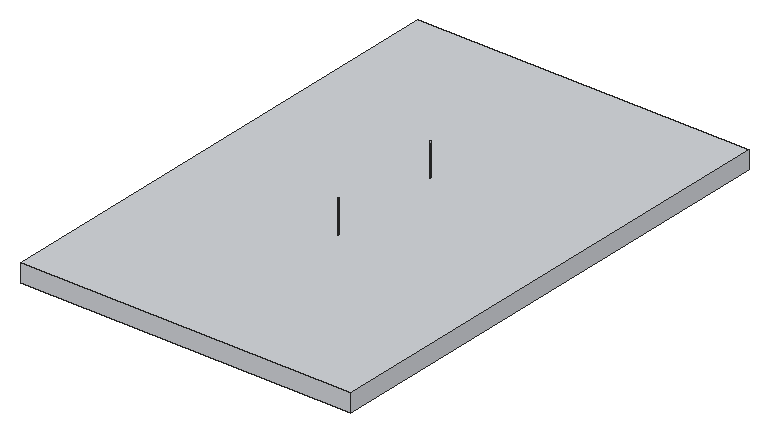
Revit family "V-LENSESxx102xxWSxx", category Leuchten, Revit 2020
Family settings
  Basisbauteil = Fläche
  Bemaßung runder Anschluss = Durchmesser verwenden
  Teiletyp = Normal
  OmniClass-Nummer = 23.80.70.11
  OmniClass-Titel = Luminaries for Internal Lighting
  Beim Laden mit Abzugskörper schneiden = Nein
  Lichtquelle = Ja
  Gemeinsam genutzt = Nein
  Raumberechnungspunkt = Nein
Parameters (values of type "V-LENSES-D102-5RFWS830B0450")
  width = 113 mm  # constant formula
  weight = "2,6"
  voltage type (AC, DC, UC) = "AC"
  suspension hight [instance] = 200 mm
  rated input power = 26
  product name = "V-LENSES-D102-5RFWS830B0450"
  nominal voltage = "230"
  nominal frequency = "50-60Hz"
  length = 1024 mm  # constant formula
  ingress protection (IP) code = "IP20"
  height = 83 mm  # constant formula
  electrical safety class = "1"
  control gear = ""
  conformity mark = "CE"  # constant formula
  brand = "RIDI"
  approval mark = ""
  built-in parameter 1150104 = 13.8 (stored number, unit not read)
  Wattage = 27.6016 W
  Von Breite des Rechtecks ausssenden = 1018 mm  # constant formula
  Von Länge des Rechtecks aussenden = 111 mm  # constant formula
  Default Elevation = 0 mm
  built-in parameter 1150113 = 1 (stored number, unit not read)
  built-in parameter 1114218 = 1 (stored number, unit not read)
  URL = "www.ridi.de"
  built-in parameter 1150134 = 12
  built-in parameter 1150109 = 1 (stored number, unit not read)
  built-in parameter 1150110 = 1 (stored number, unit not read)
  Apparent Load = 26 VA
  Tilt Angle = 90.00°
  Modell = "1522567"
  built-in parameter 1114217 = 1 (stored number, unit not read)
  built-in parameter 1150139 = (empty or 0)
  built-in parameter 1150105 = 326.27 (stored number, unit not read)
  built-in parameter 1150114 = 1 (stored number, unit not read)
  Lumens = 4100 lm
  built-in parameter 1150115 = 1 (stored number, unit not read)
  built-in parameter 1150112 = 1 (stored number, unit not read)
  Lampe = "LED"
  Hersteller = "RIDI Leuchten GmbH"  # constant formula
  Dimming Lamp Color Temperature Shift = (empty or 0)
  Color Filter = 16777215
  built-in parameter 1150133 = 10 (stored number, unit not read)
  Emit Shape Visible in Rendering = no
  built-in parameter 1150137 = (empty or 0)
  built-in parameter 1150132 = 2
  Datei für fotometrisches Netz = "V-LENSES-D.IES"
  Copyright = "© RIDI. All rights reserved."  # constant formula
  built-in parameter 1150106 = 3.2627 (stored number, unit not read)
  Baugruppenkennzeichen = "D5020200"
  built-in parameter 1150107 = 4000 (stored number, unit not read)
  built-in parameter 1150102 = (empty or 0)
  built-in parameter 1150138 = (empty or 0)
Types (9, lengths in mm): name | weight | rated input power | product name | Wattage | built-in parameter 1150134 | Apparent Load | Modell | built-in parameter 1150105 | Lumens | Datei für fotometrisches Netz | built-in parameter 1150106 | built-in parameter 1150107
  (no name) | "2,6" | 26 | "V-LENSES-D102-5RFWS830B0450" | 27.6016 W | 12 | 26 VA | "1522567" | 326.27 (stored number, unit not read) | 4100 lm | "V-LENSES-D.IES" | 3.2627 (stored number, unit not read) | 4000 (stored number, unit not read)
  V-LENSES-D102-5RFWS840B0450 | "2,6" | 26 | "V-LENSES-D102-5RFWS840B0450\r\nV-LENSES-DI102-7DASW830B0550" | 28.948 W | 12 | 26 VA | "1522559" | 342.18 (stored number, unit not read) | 4300 lm | "V-LENSES-D.IES" | 3.4218 (stored number, unit not read) | 4000 (stored number, unit not read)
  V-LENSES-D102-7DAWS830B0350 | "2,6" | 22 | "V-LENSES-D102-7DAWS830B0350\r\nV-LENSES-DI102-7DASW830B0550" | 23.6297 W | 12 | 22 VA | "1532563" | 1915.4 (stored number, unit not read) | 3510 lm | "V-LENSES-D.IES" | 19.154 (stored number, unit not read) | 4000 (stored number, unit not read)
  V-LENSES-D102-7DAWS840B0350 | "2,6" | 22 | "V-LENSES-D102-7DAWS840B0350\r\nV-LENSES-DI102-7DASW830B0550" | 24.7068 W | 12 | 22 VA | "1532555" | 2002.7 (stored number, unit not read) | 3670 lm | "V-LENSES-D.IES" | 20.027 (stored number, unit not read) | 4000 (stored number, unit not read)
  V-LENSES-DI102-5RFWS830B0500 | "2,8" | 37 | "V-LENSES-DI102-5RFWS830B0500\r\nV-LENSES-DI102-7DASW830B0550" | 37.0266 W | (empty or 0) | 37 VA | "1522568" | 3001.4 (stored number, unit not read) | 5500 lm | "V-LENSES-DI.IES" | 30.014 (stored number, unit not read) | 3000 (stored number, unit not read)
  V-LENSES-DI102-5RFWS840B0550 | "2,8" | 37 | "V-LENSES-DI102-5RFWS840B0550\r\nV-LENSES-DI102-5RFWS840B0550" | 39.0462 W | 12 | 37 VA | "1522560" | 2276.9 (stored number, unit not read) | 5800 lm | "V-LENSES-DI.IES" | 22.769 (stored number, unit not read) | 4000 (stored number, unit not read)
  V-LENSES-DI102-7DAWS830B0500 | "2,8" | 32 | "V-LENSES-DI102-7DAWS830B0500\r\nV-LENSES-DI102-5RFWS840B0550" | 33.1556 W | (empty or 0) | 32 VA | "1532564" | 1933.4 (stored number, unit not read) | 4925 lm | "V-LENSES-DI.IES" | 19.334 (stored number, unit not read) | 3000 (stored number, unit not read)
  V-LENSES-DI102-7DAWS840B0500 | "2,8" | 32 | "V-LENSES-DI102-7DAWS840B0500\r\nV-LENSES-DI102-7DAWS840B0500" | 34.6367 W | 12 | 32 VA | "1532556" | 2019.8 (stored number, unit not read) | 5145 lm | "V-LENSES-DI.IES" | 20.198 (stored number, unit not read) | 4000 (stored number, unit not read)
  V-LENSES-D102-5RFWS830B0450 | "2,6" | 26 | "V-LENSES-D102-5RFWS830B0450" | 27.6016 W | 12 | 26 VA | "1522567" | 326.27 (stored number, unit not read) | 4100 lm | "V-LENSES-D.IES" | 3.2627 (stored number, unit not read) | 4000 (stored number, unit not read)
Reference planes
  plane 1 "Mitte (Vorne/hinten)": y = 0
  plane 2: z = 0
  plane 3 "Mitte (Links/rechts)": x = 0
  plane 4: z = 200
Forms (mm)
  Extrusion 1, solid
    sketch origin (219.2, 280.8, 0) x (1, 0, 0) y (0, 1, 0)
      loop
        line (-1219.2, 1219.2) -> (-1219.2, -1780.8) -> (780.8, -1780.8) -> (780.8, 1219.2) -> (-1219.2, 1219.2)
    from 0 to -107.307
  Extrusion 2, solid
    sketch origin (0, 0, 0) x (1, 0, 0) y (0, 1, 0)
      loop
        circle (0, -350) r 2
      loop
        circle (0, 350) r 2
    from 0 to 200.372
Dimensions and locks
  "suspension hight": plane 4 to Extrusion 1
  locked: plane 1 "Mitte (Vorne/hinten)" to Extrusion 2 sketch curve at 350
  locked: Extrusion 2 sketch curve to plane 1 "Mitte (Vorne/hinten)" at 350
  locked: plane 1 "Mitte (Vorne/hinten)" to Extrusion 2 at 350
  locked: Extrusion 2 to plane 1 "Mitte (Vorne/hinten)" at 350
  locked: imposter light to plane 4 at 82.5
  aligned and locked: plane 2 to Extrusion 1
  aligned and locked: imposter light to plane 3 "Mitte (Links/rechts)"
  aligned and locked: import instance to Extrusion 2
  aligned and locked: import instance to plane 4
Automatic sketch dimensions
  Extrusion 1 sketch curve to Extrusion 1 sketch curve = 2000 mm
  Extrusion 1 sketch curve to Extrusion 1 sketch curve = 3000 mm
  Extrusion 2 sketch curve to plane 3 "Mitte (Links/rechts)" = 0 mm  (x2)
  radius of Extrusion 2 sketch curve = 2 mm  (x2)
Connectors
  electrical at (0, -350, 200.372), driven by "Apparent Load"
    settings: on Extrusion 2, index 1, voltage 230 V, apparent load 0 VA, apparent load phase1 26 VA, apparent load phase2 0 VA, apparent load phase3 0 VA, power factor 1, load classification "Lighting", number of poles 1, system type 31, power factor state 1, is connector primary yes, connector utility no, sub classification motor no, connector description ""
